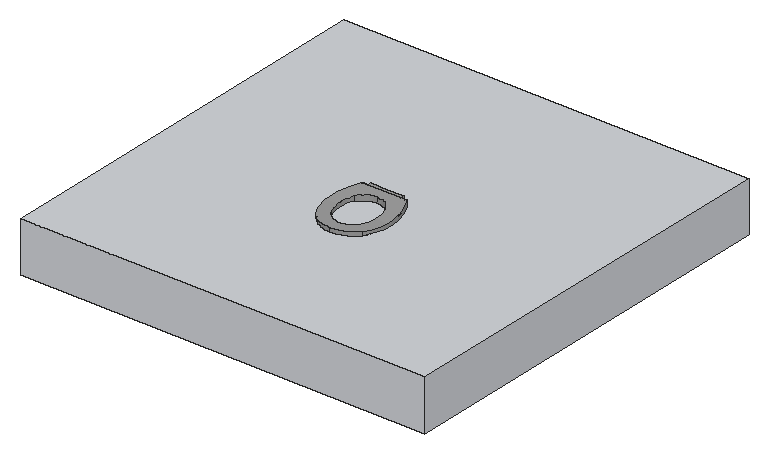
Revit family "ASH_ArmitageShanks_WCSeats_Contour21_S4066", category Plumbing Fixtures, host Face, Revit 2012
Parameters (values of type "S406601 - White Seat")
  WaterEfficientProduct = no
  WarrantyStartDate [instance] = "1900-12-31-T23:59:59"
  WarrantyGuarantorParts = "Productinfo@thebluebook.co.uk"
  WarrantyDurationUnit = "year"
  WarrantyDurationParts = "5"
  WarrantyDescription = "Manufacturers Warranty"
  WRAS = no
  WFU = 0
  VolumeUnits = "Litres"
  Version = "2"
  Uniclass2 = "Pr_40_20_93_95"
  URL = "www.idealspec.co.uk"
  Type Comments = "n/a"
  TagNumber [instance] = "n/a"
  SustainabilityPerformance = "n/a"
  SpareParts = "www.fastpart-spares.co.uk"
  Space = "Internal"
  Size = "410 x 380 x 23 mm"
  Shape = "Ring"
  SerialNumber [instance] = "n/a"
  SeatType = "RingSeat"
  SeatMaterial = "Plastic"
  SeatHasCover = no
  SeatColor = "White"
  ReplacementCost = "n/a"
  ProductInformation = "www.idealspec.co.uk/resources.html"
  Phone = "01543 490253"
  NominalWidth = 377.993 mm
  NominalLength = 409.101 mm
  NominalHeight = 22.974 mm
  NominalDepth = NominalLength  # 409.101 mm
  NettWeight = "1.5Kg"
  Name = "WCSeats_Contour21SeatOnly-S4066_ArmitageShanks"
  NBSTypeID = "n/a"
  NBSReference = "45-35-70/391"
  NBSOfficeMasterTag = "n/a"
  NBSNote = "n/a"
  NBSDescription = "WC seats and covers"
  NBSCertification = "n/a"
  ModelReference = "Contour 21 seat no cover, top fixing hinges and retaining buffers"
  ModelNumber = "S406601"
  Model = "S406601"
  Material = "Plastic"
  ManufacturerURL = "www.idealspec.co.uk"
  Manufacturer = "Productinfo@thebluebook.co.uk"
  LinearUnits = "millimeters"
  InstallationInstructions = "www.idealspec.co.uk/resources.html"
  InstallationDate [instance] = "1900-12-31-T23:59:59"
  IfcExportType = "WCSEAT"
  IfcExportAs = "IfcSanitaryTerminalType"
  Help = "www.idealspec.co.uk/contact-us.html"
  HWFU = 0
  GrossWeight = "n/a"
  Grade = "n/a"
  Finish = "White 01"
  Features = "Seat no cover, top fixing hinges and retaining buffers"
  ExpectedLife = "15"
  ElementType = "WCSEAT: Hinged seat that fits on the top of a water closet (WC) pan"
  ECA = no
  DurationUnit = "year"
  DistributedBy = "n/a"
  Description = "Contour 21 seat no cover, top fixing hinges and retaining buffers"
  Default Elevation = 0 mm
  CurrencyUnit = "n/a"
  CreatedOn = "2014-10-09"
  Cost = 0
  Constituents = "n/a"
  ConnectionType = "Mechanical"
  SeatSKU = ASH_ArmitageShanks _WCSeat _WhiteAC_render
  Color = "White"
  CodePerformance = "DDA Compliant"
  Category = "n/a"
  CWFU = 0
  Brand = "Armitage Shanks"
  BarCode [instance] = "5017830382461"
  BIMObjectName = "ASH_ArmitageShanks_WCSeats_Contour21SeatOnly_S406601"
  Author = "Ideal Standard (UK) Ltd"
  AssetType = "Fixed"
  AssetIdentifier [instance] = "n/a"
  Assembly Code = "C1030200"
  AreaUnits = "millimeters"
  AreaMeasurement = "n/a"
  Accessories = "www.idealspec.co.uk"
  AccessibilityPerformance = "DDA Compliant"
Types (4, lengths in mm): name | WaterEfficientProduct | WRAS | ProductInformation | NominalWidth | NettWeight | Name | ModelNumber | Model | Finish | ECA | SeatSKU | Color | CodePerformance | BarCode | BIMObjectName
  S406636 - Navy Seat | no | no | "www.idealspec.co.uk/assets/datasheet/S406636" | 84 | "1.5 Kg" | "WCSeats_Contour21-S4066_ArmitageShanks" | "S406636" | "S406636" | "Blue 36" | no | ASH_ArmitageShanks _WCSeat _Blue36_render | "Navy" | "n/a" | "5017830382621" | "WCSEATS_ArmitageShanks_Contour21SeatOnly_S406636"
  S4066RN - Charcoal Seat | yes | yes | "www.idealspec.co.uk/resources.html" | 377.993 | "1.5Kg" | "WCSeats_Contour21SeatOnly-S4066_ArmitageShanks" | "S4066RN" | "S4066RN" | "Charcoal RN" | yes | ASH_ArmitageShanks _WCSeat _CharcoalRN_render | "Charcoal" | "DDA Compliant" | "5017830382645" | "ASH_ArmitageShanks_WCSeats_Contour21SeatOnly_S4066"
  S4066LJ - Light Grey Seat | no | no | "www.idealspec.co.uk/resources.html" | 377.993 | "1.5Kg" | "WCSeats_Contour21SeatOnly-S4066_ArmitageShanks" | "S4066LJ" | "S4066LJ" | "Grey LJ" | no | ASH_ArmitageShanks _WCSeat _LightGreyLJ_render | "Light Grey" | "DDA Compliant" | "5017830382638" | "ASH_ArmitageShanks_WCSeats_Contour21SeatOnly_S4066"
  S406601 - White Seat | no | no | "www.idealspec.co.uk/resources.html" | 377.993 | "1.5Kg" | "WCSeats_Contour21SeatOnly-S4066_ArmitageShanks" | "S406601" | "S406601" | "White 01" | no | ASH_ArmitageShanks _WCSeat _WhiteAC_render | "White" | "DDA Compliant" | "5017830382461" | "ASH_ArmitageShanks_WCSeats_Contour21SeatOnly_S406601"
Reference planes
  plane 1 "Center (Front/Back)": y = 0
  plane 2: z = 0
  plane 3 "Center (Left/Right)": x = 0
  plane 4: z = 117.5
  plane 5: x = 190
  plane 6: z = 40
  plane 7: x = 190
  plane 8: x = -187.993
Forms (mm)
  Extrusion 1, solid
    sketch origin (0, 0, 0) x (1, 0, 0) y (0, 1, 0)
      loop
        line (-1219.2, 1219.2) -> (-1219.2, -1219.2) -> (1219.2, -1219.2) -> (1219.2, 1219.2) -> (-1219.2, 1219.2)
    from 0 to -304.8
  Extrusion 2, solid, material "ASH_ArmitageShanks _WCSeat _WhiteAC_render" <- "SeatSKU", detail levels medium+fine
    sketch origin (0, 0, 0) x (1, 0, 0) y (0, 1, 0)
      loop
        arc (-138.357, -4.575) -> (-187.993, -174.575) -> (-138.357, -344.575) r 315.939
        arc (-138.357, -344.575) -> (-76.498, -392.531) -> (0, -409.092) r 176.858
        arc (0, -409.092) -> (76.498, -392.531) -> (138.357, -344.575) r 176.858
        arc (138.357, -344.575) -> (187.993, -174.575) -> (138.357, -4.575) r 315.939
        arc (138.357, -4.575) -> (132.499, -1.054) -> (125.746, 0) r 17.8
        line (125.746, 0) -> (97.534, 0) -> (97.534, 22.226) -> (0, 22.226) -> (-97.534, 22.226) -> (-97.534, 0) -> (-125.746, 0)
        arc (-125.746, 0) -> (-132.499, -1.054) -> (-138.357, -4.575) r 17.8
      loop
        arc (0, -55.394) -> (-55.397, -68.946) -> (-97.534, -107.378) r 115.372
        arc (-97.534, -107.378) -> (-114.668, -197.653) -> (-91.279, -286.512) r 208.225
        arc (-91.279, -286.512) -> (-53.255, -325.549) -> (0, -337.109) r 94.527
        arc (0, -337.109) -> (53.255, -325.549) -> (91.279, -286.512) r 94.527
        arc (91.279, -286.512) -> (114.668, -197.653) -> (97.534, -107.378) r 208.225
        arc (97.534, -107.378) -> (55.397, -68.946) -> (0, -55.394) r 115.372
    from 0 to 40
  Extrusion 3, void
    sketch origin (190, 108.042, 1219.2) x (0, -1, 0) y (0, 0, 1)
      loop
        arc (75.665, -1173.824) -> (318.595, -1198.682) -> (562.723, -1192.78) r 1937.176
        line (562.723, -1192.78) -> (562.723, -1173.824) -> (75.665, -1173.824)
    from 0 to 380
  Extrusion 4, solid, material "ASH_ArmitageShanks _WCSeat _WhiteAC_render", detail levels medium+fine
    sketch origin (0, 0, 0) x (1, 0, 0) y (0, 1, 0)
      loop
        arc (-160.1, -304.371) -> (-149.956, -324.867) -> (-138.357, -344.575) r 315.939
        line (-138.357, -344.575) -> (-134.735, -340.953)
        arc (-134.735, -340.953) -> (-145.82, -322.003) -> (-155.541, -302.317) r 310.939
        line (-155.541, -302.317) -> (-160.1, -304.371)
      loop
        line (160.1, -304.371) -> (155.541, -302.317)
        arc (155.541, -302.317) -> (145.82, -322.003) -> (134.735, -340.953) r 310.939
        line (134.735, -340.953) -> (138.357, -344.575)
        arc (138.357, -344.575) -> (149.956, -324.867) -> (160.1, -304.371) r 315.939
    from 0 to -30
Cuts and joins
  Extrusion 3 cuts Extrusion 2
Dimensions and locks
  locked: plane 4 to Extrusion 1 at 117.5
  "NominalLength": cut or joined group of Extrusion 2, Extrusion 3 to plane 1 "Center (Front/Back)"
  "NominalHeight": cut or joined group of Extrusion 2, Extrusion 3 to Extrusion 1
  "NominalWidth": plane 8 to plane 7
  aligned and locked: plane 2 to Extrusion 1
  aligned and locked: level to Extrusion 1
  aligned and locked: plane 6 to cut or joined group of Extrusion 2, Extrusion 3
Automatic sketch dimensions
  Extrusion 1 sketch curve to Extrusion 1 sketch curve = 2438.4 mm  (x2)
  plane 1 "Center (Front/Back)" to Extrusion 2 sketch curve = 0 mm  (x2)
  Extrusion 2 sketch curve to plane 3 "Center (Left/Right)" = 0 mm  (x3)
  Extrusion 2 sketch curve to plane 3 "Center (Left/Right)" = 1.132 mm
  Extrusion 2 sketch curve to plane 3 "Center (Left/Right)" = 1.755 mm
  Extrusion 2 sketch curve to plane 3 "Center (Left/Right)" = 7.427 mm
  Extrusion 2 sketch curve to plane 3 "Center (Left/Right)" = 91.279 mm
  Extrusion 2 sketch curve to Extrusion 2 sketch curve = 0 mm  (x2)
  Extrusion 2 sketch curve to plane 3 "Center (Left/Right)" = 93.43 mm
  Extrusion 2 sketch curve to plane 1 "Center (Front/Back)" = 22.226 mm
  Extrusion 2 sketch curve to plane 3 "Center (Left/Right)" = 97.534 mm
  Extrusion 2 sketch curve to Extrusion 2 sketch curve = 4.104 mm  (x2)
  Extrusion 2 sketch curve to Extrusion 2 sketch curve = 28.212 mm  (x2)
  Extrusion 2 sketch curve to Extrusion 2 sketch curve = 0.682 mm  (x2)
  Extrusion 2 sketch curve to Extrusion 2 sketch curve = 34.517 mm  (x2)
  Extrusion 2 sketch curve to Extrusion 2 sketch curve = 47.078 mm  (x2)
  plane 1 "Center (Front/Back)" to Extrusion 2 sketch curve = 4.575 mm  (x2)
  Extrusion 2 sketch curve to Extrusion 2 sketch curve = 12.611 mm  (x2)
  plane 3 "Center (Left/Right)" to Extrusion 2 sketch curve = 0 mm
  plane 3 "Center (Left/Right)" to Extrusion 2 sketch curve = 1.132 mm
  plane 3 "Center (Left/Right)" to Extrusion 2 sketch curve = 1.755 mm
  plane 3 "Center (Left/Right)" to Extrusion 2 sketch curve = 7.427 mm
  plane 3 "Center (Left/Right)" to Extrusion 2 sketch curve = 91.279 mm
  plane 3 "Center (Left/Right)" to Extrusion 2 sketch curve = 93.43 mm
  plane 3 "Center (Left/Right)" to Extrusion 2 sketch curve = 97.534 mm
  plane 1 "Center (Front/Back)" to Extrusion 2 sketch curve = 55.394 mm
  Extrusion 2 sketch curve to Extrusion 2 sketch curve = 89.591 mm  (x2)
  Extrusion 2 sketch curve to Extrusion 2 sketch curve = 67.198 mm  (x2)
  Extrusion 2 sketch curve to Extrusion 2 sketch curve = 15.81 mm
  Extrusion 2 sketch curve to Extrusion 2 sketch curve = 10.631 mm
  Extrusion 3 sketch curve to plane 1 "Center (Front/Back)" = 32.377 mm
  plane 1 "Center (Front/Back)" to Extrusion 3 sketch curve = 285.89 mm
  level to Extrusion 3 sketch curve = 26.42 mm
  plane 1 "Center (Front/Back)" to Extrusion 3 sketch curve = 454.681 mm
  Extrusion 3 sketch curve to Extrusion 3 sketch curve = 18.956 mm
  Extrusion 4 sketch curve to Extrusion 4 sketch curve = 0 mm  (x5)
  Extrusion 4 sketch curve to plane 3 "Center (Left/Right)" = 160.1 mm
  Extrusion 4 sketch curve to Extrusion 4 sketch curve = 4.559 mm  (x2)
  Extrusion 4 sketch curve to Extrusion 4 sketch curve = 17.184 mm
  Extrusion 4 sketch curve to Extrusion 4 sketch curve = 3.622 mm  (x4)
  Extrusion 4 sketch curve to plane 3 "Center (Left/Right)" = 127.947 mm
  Extrusion 4 sketch curve to plane 5 = 62.053 mm
  Extrusion 4 sketch curve to plane 5 = 55.265 mm
  Extrusion 4 sketch curve to plane 5 = 34.459 mm
  plane 1 "Center (Front/Back)" to Extrusion 4 sketch curve = 344.575 mm
  Extrusion 4 sketch curve to Extrusion 4 sketch curve = 36.582 mm  (x2)
